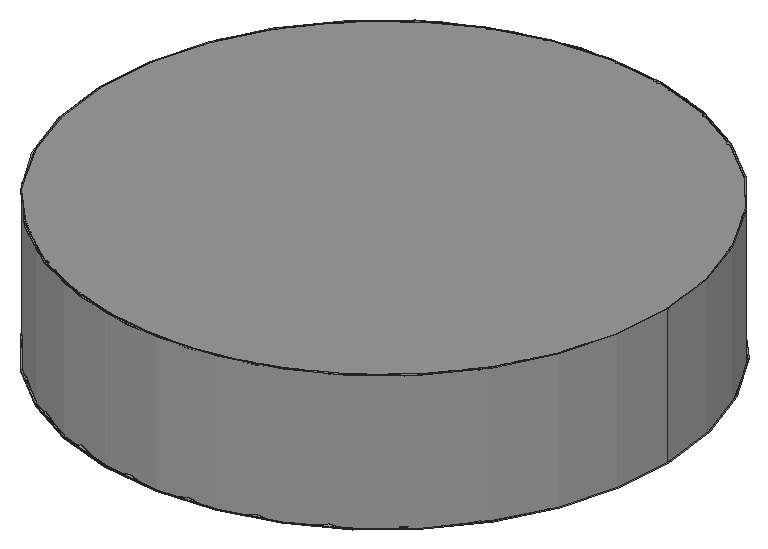
Revit family "Artemide_Tagora_Ceiling_970", category Lighting Fixtures, Revit 2018
Family settings
  Round Connector Dimension = Use Diameter
  Part Type = Normal
  Work Plane-Based = Yes
  Always vertical = Yes
  Cut with Voids When Loaded = No
  Light Source = Yes
  Shared = No
  Room Calculation Point = No
Parameters (values of type "Tagora_Ceiling_970_3000K_DaliSwitchDim_Beige/White_M248021")
  Wattage = 84 W
  built-in parameter 1150110 = 1 (stored number, unit not read)
  Voltage = "-"
  built-in parameter 1114217 = 1 (stored number, unit not read)
  Tilt Angle = 90.00°
  built-in parameter 1150109 = 1 (stored number, unit not read)
  built-in parameter 1150134 = (empty or 0)
  built-in parameter 1150113 = 1 (stored number, unit not read)
  Radius_InternalCylinder = Radius_ExternalCyilinder - 2 mm  # 483 mm
  Radius_ExternalCyilinder = 485 mm
  Product Range = "Tagora"
  Photometric Web File = "M248021.IES"
  Max Height from ceiling = 0 mm
  M_HousingCylinder = Artemide_Aluminum_Beige
  M_Housing = Artemide_Aluminum_White
  M_Diffuser = Artemide_Glass_LightBulb
  built-in parameter 1150105 = 511.3 (stored number, unit not read)
  Lumens = 6425.16 lm
  built-in parameter 1150115 = 1 (stored number, unit not read)
  built-in parameter 1150137 = (empty or 0)
  built-in parameter 1150139 = (empty or 0)
  built-in parameter 1150112 = 1 (stored number, unit not read)
  built-in parameter 1150114 = 1 (stored number, unit not read)
  built-in parameter 1150132 = (empty or 0)
  built-in parameter 1150102 = (empty or 0)
  built-in parameter 1150107 = 3000 (stored number, unit not read)
  built-in parameter 1150138 = (empty or 0)
  built-in parameter 1150106 = 5.113 (stored number, unit not read)
  IfcExportType = "NOT DEFINED"  # constant formula
  IfcExportAs = "IfcLightFixtureType"  # constant formula
  Weekly = "-"
  Warranty ID = "https://cloud.artemide.com/5-years-warranty"
  Upward Component  = 0
  Unified Glare Rating  = "-"
  Uniclass 2015 = "Pr_70_70_48"  # constant formula
  URL to O&M Manual = "https://www.artemide.com/contents/documenti/prodotto/tagora_soffitto_970_instructions2194301.pdf"
  URL to Energy Technology List = "-"
  Trim Material = "-"
  Trim Finish = "-"
  Trim Colour  = "-"
  Total Power = 0
  Total Light Output  = 0
  Testing method = "-"
  Supply Phase = 0
  Suitable for Photocell Control = "-"
  Suitable for Motion Detector Control = "N"
  Suitable for Dimming  = "Y"
  Suitable Dimmer Type = "DALI"
  Standards = "-"
  Shipping Weight = 0
  Service life  = "-"
  Secondary Rated Lamp Life = 0
  Secondary Lamp Voltage = 0
  Secondary Lamp International Type Code = "-"
  Secondary Lamp Initial Lumens  = 0
  Secondary Lamp Included = "-"
  Secondary Lamp Efficacy = 0
  Secondary Lamp Colour Temperature = 0
  Secondary Lamp Colour Rendering Index = 0
  Secondary Lamp Cap = "-"
  Secondary Lamp = "-"
  Responsible Sourcing of Materials = "-"
  Responsible Extraction of Materials = "-"
  Reflector Material = "-"
  Reflector Finish = "-"
  Rated Lamp Life = 50000
  Quarterly = "-"
  Product Model Number = "M248021"
  Product Literature = "https://www.artemide.com/en/subfamily/1684868/tagora-ceiling-970"
  Primary Lamp Type = "LED"
  Power Supply Kit = "-"
  Power Factor = 0
  Photocell = "-"
  Overall Width = 0
  Overall Light Output Ratio = 0
  Overall Length = 970
  Overall Height = 230
  Output Lumens Indirect light = 0
  Output Lumens Direct light = 6425
  Number of Secondary Lamps = 0
  Number of Primary Lamps = 1
  Number of Poles = 0
  Motion Sensor = "-"
  Motion Detector = "-"
  Monthly = "-"
  Minimum Operating Temperature = 0
  Maximum Operating Temperature = 0
  Material Ingredient Reporting = "-"
  Manufacturer Website = "https://www.artemide.com"
  Manufacturer = "Artemide"
  Maintenance Required: 8001-12000hrs  = "-"
  Maintenance Required: 601-1000hrs = "-"
  Maintenance Required: 4001-8000hrs  = "-"
  Maintenance Required: 301-600hrs  = "-"
  Maintenance Required: 2001-4000hrs  = "-"
  Maintenance Required: 1001-2000hrs  = "-"
  Maintenance Required: 0-300hrs  = "-"
  Luminance at 65deg Angle = 0
  Luminaire Type = "Ceiling lamp"
  Luminaire Maintenance Factor = 0
  Luminaire Cleaning Interval  = "-"
  Louvre/Lens = "-"
  Location of Manufacturer = "-"
  Light Output Pattern = "-"
  Light Fixture Mounting Type = "Ceiling"
  Life Cycle Analysis = "-"
  Lamp Survival Factor = "-"
  Lamp Replacement Interval = "-"
  Lamp Included = "Y"
  Lamp Holder Material = "-"
  Lamp Cap = "LED Integrated"
  LED lifetime = 50000
  LED Maintained Colour Variation         = 0
  LED Initial Colour Variation                      = 0
  International Type Code = "-"
  Intended Market = "Unset"
  Integral Fuse or Circuit Protection  = "-"
  Integral Emergency Lighting Battery Type = "-"
  Input Lumens Indirect light = 0
  Input Lumens Direct light = 11898.8
  Initial Lumens = 6425
  Infills = "-"
  IP Rating = "IP20"
  IK Rating = "-"
  IES Files  = "https://www.artemide.com/product/downloadFile/1690330/ieseu/4887781"
  Housing Material = "Aluminium"
  Housing Finish  = "Painted"
  Housing Colour  = "Beige/White"
  Hazardous Area Protection Type = "-"
  Hazardous Area Category = "-"
  Gross Weight = 16.24
  Green Guide for Specification = "-"
  Gasket Material = "-"
  Frequency  = 0
  Fixings = "-"
  Fixing Material = "-"
  Fire Shroud = "-"
  Fire Rating Duration = 0
  Fire Rated Temperature = 0
  Fire Rated = "-"
  Features = "Any additional components/accessories included in this file are required to complete the product/configuration and must be ordered separately.Please check the catalogue/dedicated brochure for more information"
  Face Width = 0
  Face Shape = "Cylindrical"
  Face Length = 0
  External Control Line Voltage = 0
  Expected Life = "-"
  Environmental Product Declaration = "-"
  End Caps/Transition Caps/Joints = "-"
  Emit from Circle Diameter = 878.4 mm
  Emit Shape Visible in Rendering = no
  Emergency light output percentage = 0
  Emergency Lighting Battery = "-"
  Emergency Charging Power       = 0
  Emergency = "N"
  Embodied Carbon  = 0
  Efficiency = 54
  built-in parameter 1150104 = 7.1062 (stored number, unit not read)
  Earth Point  = "-"
  ENEC Certification of European conformity = "N"
  Duration of Integral Emergency Lighting  = 0
  Drive Current                                          = 0
  Downward Component = 0
  Distance_HeightLamp = 235 mm
  Dimming Lamp Color Temperature Shift = <None>
  Diffusing screen = "-"
  Diffuser Material  = "-"
  Diffuser Finish = "-"
  Designed by = "S./R. Cornelissen"
  Default Elevation = 1219.2 mm
  Daylight Sensor = "-"
  Daily = "-"
  Cut Out Width = 606
  Cut Out Length = 0
  Current  = 0
  Control Gear Type = "-"
  Control Gear Standby Power  = 0
  Control Gear Required = "-"
  Control Gear Location = "-"
  Column = "-"
  Colour Temperature = 3000
  Colour Rendering Index = 80
  Color Filter = 16777215
  Cable Material = "-"
  CE Approval = "Y"
  Bespoke Timeframe = "-"
  Beam Angle Transverse Axis  = 0.00°
  Beam Angle Longditudinal Axis  = 0.00°
  Basis of lifetime luminaire failures        = 0
  Basis of lifetime lumen depreciation   = 0
  built-in parameter 1114218 = 1 (stored number, unit not read)
  built-in parameter 1150133 = 10 (stored number, unit not read)
  Application Environment = "Internal"
  Annually = "-"
  Ambient Temperature                             = 0
  Air Handling = "-"
  Access Clearance Top = 0
  Access Clearance Right = 0
  Access Clearance Rear = 0
  Access Clearance Left = 0
  Access Clearance Front = 0
  Access Clearance Bottom = 0
  6 Monthly = "-"
Types (10, lengths in mm): name | built-in parameter 1150134 | Photometric Web File | M_HousingCylinder | M_Housing | built-in parameter 1150105 | Lumens | built-in parameter 1150107 | built-in parameter 1150106 | Product Model Number | Output Lumens Direct light | Input Lumens Direct light | Initial Lumens | IES Files  | Housing Colour  | built-in parameter 1150104 | Cut Out Width | Colour Temperature
  Tagora_Ceiling_970_3000K_DaliSwitchDim_Beige/White_M248021 | (empty or 0) | "M248021.IES" | Artemide_Aluminum_Beige | Artemide_Aluminum_White | 511.3 (stored number, unit not read) | 6425.16 lm | 3000 (stored number, unit not read) | 5.113 (stored number, unit not read) | "M248021" | 6425 | 11898.8 | 6425 | "https://www.artemide.com/product/downloadFile/1690330/ieseu/4887781" | "Beige/White" | 7.1062 (stored number, unit not read) | 606 | 3000
  Tagora_Ceiling_970_4000K_DaliSwitchDim_Beige/White_M248121 | 12 | "M248121.IES" | Artemide_Aluminum_Beige | Artemide_Aluminum_White | 550.27 (stored number, unit not read) | 6914.88 lm | 4000 (stored number, unit not read) | 5.5027 (stored number, unit not read) | "M248121" | 6915 | 12805 | 6915 | "https://www.artemide.com/product/downloadFile/1689817/ieseu/4887952" | "Beige/White" | 7.6478 (stored number, unit not read) | 0 | 4000
  Tagora_Ceiling_970_3000K_DaliSwitchDim_Black/Orange_M248011 | (empty or 0) | "M248011.IES" | Artemide_Aluminum_Black | Artemide_Aluminum_Orange | 511.3 (stored number, unit not read) | 6425.16 lm | 3000 (stored number, unit not read) | 5.113 (stored number, unit not read) | "M248011" | 6425 | 11898.8 | 6425 | "https://www.artemide.com/product/downloadFile/1690091/ieseu/4887891" | "Black/Orange" | 7.1062 (stored number, unit not read) | 0 | 3000
  Tagora_Ceiling_970_4000K_DaliSwitchDim_Black/Orange_M248111 | 12 | "M248111.IES" | Artemide_Aluminum_Black | Artemide_Aluminum_Orange | 550.27 (stored number, unit not read) | 6914.88 lm | 4000 (stored number, unit not read) | 5.5027 (stored number, unit not read) | "M248111" | 6915 | 12805 | 6915 | "https://www.artemide.com/product/downloadFile/1689954/ieseu/4887843" | "Black/Orange" | 7.6478 (stored number, unit not read) | 0 | 4000
  Tagora_Ceiling_970_3000K_DaliSwitchDim_Grey/White_M248061 | (empty or 0) | "M248061.IES" | Artemide_Aluminum_Grey | Artemide_Aluminum_White | 511.3 (stored number, unit not read) | 6425.16 lm | 3000 (stored number, unit not read) | 5.113 (stored number, unit not read) | "M248061" | 6425 | 11898.8 | 6425 | "https://www.artemide.com/product/downloadFile/1690620/ieseu/4887773" | "Grey/White" | 7.1062 (stored number, unit not read) | 0 | 3000
  Tagora_Ceiling_970_4000K_DaliSwitchDim_Grey/White_M248161 | 12 | "M248161.IES" | Artemide_Aluminum_Grey | Artemide_Aluminum_White | 550.27 (stored number, unit not read) | 6914.88 lm | 4000 (stored number, unit not read) | 5.5027 (stored number, unit not read) | "M248161" | 6915 | 12805 | 6915 | "https://www.artemide.com/product/downloadFile/1689626/ieseu/4887758" | "Grey/White" | 7.6478 (stored number, unit not read) | 0 | 4000
  Tagora_Ceiling_970_3000K_DaliSwitchDim_Black/Blue_M248031 | (empty or 0) | "M248031.IES" | Artemide_Aluminum_Black | Artemide_Aluminum_Blue | 511.3 (stored number, unit not read) | 6425.16 lm | 3000 (stored number, unit not read) | 5.113 (stored number, unit not read) | "M248031" | 6425 | 11898.8 | 6425 | "https://www.artemide.com/product/downloadFile/2499225/ieseu/4887597" | "Black/Blue" | 7.1062 (stored number, unit not read) | 0 | 3000
  Tagora_Ceiling_970_4000K_DaliSwitchDim_Black/Blue_M248131 | 12 | "M248131.IES" | Artemide_Aluminum_Black | Artemide_Aluminum_Blue | 550.27 (stored number, unit not read) | 6914.88 lm | 4000 (stored number, unit not read) | 5.5027 (stored number, unit not read) | "M248131" | 6915 | 12805 | 6915 | "https://www.artemide.com/product/downloadFile/2499515/ieseu/4887883" | "Black/Blue" | 7.6478 (stored number, unit not read) | 0 | 4000
  Tagora_Ceiling_970_3000K_DaliSwitchDim_Black/Green_M248041 | (empty or 0) | "M248041.IES" | Artemide_Aluminum_Black | Artemide_Aluminum_Green | 511.3 (stored number, unit not read) | 6425.16 lm | 3000 (stored number, unit not read) | 5.113 (stored number, unit not read) | "M248041" | 6425 | 11898.8 | 6425 | "https://www.artemide.com/product/downloadFile/2498959/ieseu/4887968" | "Black/Green" | 7.1062 (stored number, unit not read) | 0 | 3000
  Tagora_Ceiling_970_4000K_DaliSwitchDim_Black/Green_M248141 | 12 | "M248141.IES" | Artemide_Aluminum_Black | Artemide_Aluminum_Green | 550.27 (stored number, unit not read) | 6914.88 lm | 4000 (stored number, unit not read) | 5.5027 (stored number, unit not read) | "M248141" | 6915 | 12805 | 6915 | "https://www.artemide.com/product/downloadFile/2499951/ieseu/4887599" | "Black/Green" | 7.6478 (stored number, unit not read) | 0 | 4000
Reference planes
  plane 1 "Center (Front/Back)": y = 0
  plane 2 "Top Lamp": z = 0
  plane 3 "Center (Left/Right)": x = 0
  plane 4 "Bottom Internal Cone": z = -233.5
  plane 5: z = -137
  plane 6: z = -112.103
  plane 7 "Top Internal Cone": z = -91.5
  plane 8 "Center L/T": z = -110.835
  plane 9 "Bottom Lamp": z = -235
  plane 10 "Light": z = -124.313
  plane 11: z = -1.5
  plane 12: z = -140
Forms (mm)
  Extrusion 1, solid, material "Artemide_Aluminum_Beige" <- "M_HousingCylinder"
    sketch origin (0, 0, 0) x (1, 0, 0) y (0, 1, 0)
      loop
        circle (0, 0) r 485
      loop
        circle (0, 0) r 483
    from -233.5 to 0
  Extrusion 2, solid, material "Artemide_Aluminum_Beige" <- "M_HousingCylinder"
    sketch origin (0, 0, 0) x (1, 0, 0) y (0, 1, 0)
      loop
        circle (0, 0) r 483
    from -1.5 to 0
  Revolve 3, solid, material "Artemide_Aluminum_White" <- "M_Housing"
    sketch origin (0, 0, 0) x (1, 0, 0) y (0, 0, 1)
      loop
        line (-427.411, -91.5) -> (-427.411, -112.103) -> (0, -112.103) -> (0, -110.835) -> (-425.911, -110.835) -> (-425.911, -91.5) -> (-427.411, -91.5)
      axis (0, -91.5) -> (0, -112.103)
    angle from 0 to 360
  Revolve 4, solid, material "Artemide_Aluminum_White" <- "M_Housing"
    sketch origin (0, 0, 0) x (1, 0, 0) y (0, 0, 1)
      loop
        line (-427.411, -110.835) -> (-484.611, -233.5) -> (-486.5, -233.5) -> (-486.5, -235) -> (-483.545, -235) -> (-425.646, -110.835) -> (-427.411, -110.835)
      axis (0, -110.835) -> (0, -235)
    angle from 0 to 360
  Revolve 5, solid, material "Artemide_Glass_LightBulb" <- "M_Diffuser"
    sketch origin (0, 0, 0) x (1, 0, 0) y (0, 0, 1)
      loop
        line (0, -137) -> (-437.816, -137) -> (-439.215, -140) -> (0, -140) -> (0, -137)
      axis (0, -137) -> (0, -140)
    angle from 0 to 360
Dimensions and locks
  locked: level to plane 11 at 1.5
  "Distance_HeightLamp": plane 2 "Top Lamp" to plane 9 "Bottom Lamp"
  locked: plane 4 "Bottom Internal Cone" to plane 9 "Bottom Lamp" at 1.5
  locked: plane 12 to plane 4 "Bottom Internal Cone" at 93.5
  locked: plane 5 to plane 12 at 3
  locked: plane 6 to plane 10 "Light" at 12.21
  locked: plane 8 "Center L/T" to plane 6 at 1.268
  locked: plane 7 "Top Internal Cone" to plane 8 "Center L/T" at 19.335
  locked: plane 10 "Light" to plane 5 at 12.687
  "Radius_ExternalCyilinder": radius of Extrusion 1 sketch curve
  "Radius_InternalCylinder": radius of Extrusion 1 sketch curve
  "Radius_InternalCylinder": radius of Extrusion 2 sketch curve
  aligned and locked: level to plane 2 "Top Lamp"
  aligned and locked: plane 10 "Light" to imposter light
  aligned and locked: plane 3 "Center (Left/Right)" to imposter light
  aligned and locked: imposter light to plane 1 "Center (Front/Back)"
  aligned and locked: plane 3 "Center (Left/Right)" to Extrusion 1 sketch curve  (x2)
  aligned and locked: plane 1 "Center (Front/Back)" to Extrusion 1 sketch curve  (x2)
  aligned and locked: Extrusion 1 to plane 4 "Bottom Internal Cone"
  aligned and locked: plane 2 "Top Lamp" to Extrusion 1
  aligned and locked: plane 3 "Center (Left/Right)" to Extrusion 2 sketch curve
  aligned and locked: plane 1 "Center (Front/Back)" to Extrusion 2 sketch curve
  aligned and locked: plane 2 "Top Lamp" to Extrusion 2
  aligned and locked: Extrusion 2 to plane 11
  aligned and locked: Revolve 3 sketch curve to plane 7 "Top Internal Cone"
  aligned and locked: Revolve 3 sketch curve to plane 8 "Center L/T"
  aligned and locked: plane 6 to Revolve 3 sketch curve
  aligned and locked: Revolve 3 sketch curve to plane 3 "Center (Left/Right)"
  aligned and locked: Revolve 4 sketch curve to plane 8 "Center L/T"
  aligned and locked: plane 4 "Bottom Internal Cone" to Revolve 4 sketch curve
  aligned and locked: Revolve 4 sketch curve to plane 9 "Bottom Lamp"
  aligned and locked: Revolve 4 sketch curve to plane 3 "Center (Left/Right)"
  aligned and locked: plane 5 to Revolve 5 sketch curve
  aligned and locked: Revolve 5 sketch curve to plane 12
  aligned and locked: Revolve 5 sketch curve to plane 3 "Center (Left/Right)"
Automatic sketch dimensions
  Revolve 3 sketch curve to plane 3 "Center (Left/Right)" = 0 mm
  Revolve 3 sketch curve to plane 3 "Center (Left/Right)" = 425.911 mm
  Revolve 3 sketch curve to Revolve 3 sketch curve = 1.5 mm
  Revolve 3 sketch curve to plane 9 "Bottom Lamp" = 1345.919 mm
  level to Revolve 3 sketch curve = 2214.315 mm
  Revolve 4 sketch curve to plane 3 "Center (Left/Right)" = 486.5 mm
  Revolve 4 sketch curve to Revolve 4 sketch curve = 1.889 mm
  Revolve 4 sketch curve to Revolve 4 sketch curve = 1.066 mm
  Revolve 4 sketch curve to Revolve 4 sketch curve = 57.2 mm
  Revolve 4 sketch curve to Revolve 4 sketch curve = 1.765 mm
  Revolve 4 sketch curve to plane 9 "Bottom Lamp" = 1345.919 mm
  level to Revolve 4 sketch curve = 2214.315 mm
  Revolve 5 sketch curve to plane 3 "Center (Left/Right)" = 0 mm
  Revolve 5 sketch curve to plane 3 "Center (Left/Right)" = 437.816 mm
  Revolve 5 sketch curve to Revolve 5 sketch curve = 1.399 mm
  Revolve 5 sketch curve to plane 9 "Bottom Lamp" = 1345.919 mm
  level to Revolve 5 sketch curve = 2214.315 mm
